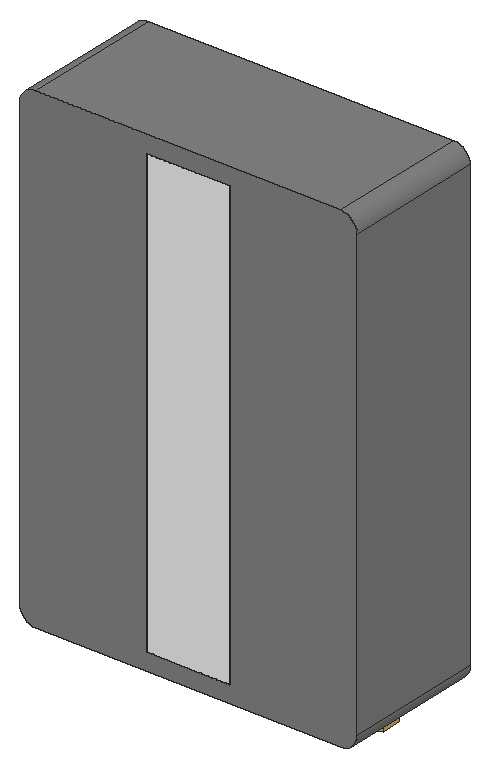
Revit family "Evoflat TDV W_RFA_1", category Mechanical Equipment, Revit 2019
Family settings
  Round Connector Dimension = Use Diameter
  Classification = None
  Part Type = Normal
  OmniClass Number = 23.75.65.11.11
  OmniClass Title = Heating Controllers
  Work Plane-Based = No
  Always vertical = Yes
  Cut with Voids When Loaded = No
  Shared = No
  Room Calculation Point = No
Parameters (values of type "Evoflat TDV W_Type 1_Cu_145G0350")
  Weight = 8.50 kg  # constant formula
  W1 = 40 mm  # constant formula
  W = 130 mm  # constant formula
  URL = "https://store.danfoss.com/en/search/?q=Evoflat+TDV%3Arelevance%3Adanfoss_producttypehierarchydesc%3AEvoFlat+FSS&text=Evoflat+TDV"
  Type Image = <None>
  Type Comments = ""
  Top [instance] = if(or(Clearance Zone Visibility, Clearance Zone Top Visibility), 1 = 1, 1 = 0)  # no
  Right [instance] = if(or(Clearance Zone Visibility, Clearance Zone Right Visibility), 1 = 1, 1 = 0)  # no
  Pressure Drop (DHW) [instance] = 0.0 Pa
  Pressure Drop (DH) [instance] = 0.0 Pa
  Pressure Drop (DCW) [instance] = 0.0 Pa
  Nut size = 30 mm  # constant formula
  Nominal Pressure = "PN 10"  # constant formula
  Model Type = "Evoflat TDV W_Type 1_Cu"
  Model = "145G0350"
  Max Supply Temperature = "95 °C"  # constant formula
  Manufacturer = "Danfoss"  # constant formula
  Left [instance] = if(or(Clearance Zone Visibility, Clearance Zone Left Visibility), 1 = 1, 1 = 0)  # no
  LOD 350 = not(LOD 200)  # yes
  LOD 200 = no
  L1a = 55 mm  # constant formula
  L1 = 55 mm  # constant formula
  L = 310 mm  # constant formula
  Insulation Material = Danfoss EPP insulation
  IfcExportType = "EvoFlat TDV W"  # constant formula
  IfcExportAs = "IfcFlowController"  # constant formula
  HEX material = Danfoss Copper
  H3 = 32.5 mm  # constant formula
  H2 = 31.5 mm  # constant formula
  H1 = 3 mm  # constant formula
  H = 443 mm  # constant formula
  Front [instance] = if(or(Clearance Zone Visibility, Clearance Zone Front Visibility), 1 = 1, 1 = 0)  # no
  Flow (DHW) [instance] = 0.0 L/s
  Flow (DH) [instance] = 0.0 L/s
  Flow (DCW) [instance] = 0.0 L/s
  Description = "Flat Station"  # constant formula
  DHW capacity = 43 kW
  DHW Temperature DHS/DHR = "65/22 °C"
  DHW Tap Load 50°C = "15.3 l/min"
  DHW Pressure Loss Primary = "40 kPa"
  DHW Flow Rate Primary = "850 l/h"
  D = 20 mm  # constant formula
  Connection = "G 3/4 Internal Thread"  # constant formula
  Clearance Zone Visibility [instance] = no
  Clearance Zone Top Visibility [instance] = no
  Clearance Zone Top [instance] = 25 mm  # constant formula
  Clearance Zone Right Visibility [instance] = no
  Clearance Zone Right [instance] = 50 mm  # constant formula
  Clearance Zone Left Visibility [instance] = no
  Clearance Zone Left [instance] = 50 mm  # constant formula
  Clearance Zone Front Visibility [instance] = no
  Clearance Zone Front [instance] = 150 mm  # constant formula
  Clearance Zone Bottom Visibility [instance] = no
  Clearance Zone Bottom [instance] = 32.5 mm  # constant formula
  Bottom [instance] = if(or(Clearance Zone Visibility, Clearance Zone Bottom Visibility), 1 = 1, 1 = 0)  # no
  Assembly Code = ""
Types (6, lengths in mm): name | Model Type | Model | HEX material | DHW capacity | DHW Temperature DHS/DHR | DHW Tap Load 50°C | DHW Pressure Loss Primary | DHW Flow Rate Primary
  Evoflat TDV W_Type 1_Cu_145G0350 | "Evoflat TDV W_Type 1_Cu" | "145G0350" | Danfoss Copper | 43 kW | "65/22 °C" | "15.3 l/min" | "40 kPa" | "850 l/h"
  Evoflat TDV W_Type 3_Cu_145G0352 | "Evoflat TDV W_Type 3_Cu" | "145G0352" | Danfoss Copper | 55 kW | "65/16 °C" | "18.3 l/min" | "27 kPa" | "950 l/h"
  Evoflat TDV W_Type 2_Cu_145G0351 | "Evoflat TDV W_Type 2_Cu" | "145G0351" | Danfoss Copper | 49 kW | "65/21 °C" | "17.5 l/min" | "30 kPa" | "950 l/h"
  Evoflat TDV W_Type 1_Sts_145G0355 | "Evoflat TDV W_Type 1_Sts" | "145G0355" | Danfoss Stainless Steel | 43 kW | "65/22 °C" | "15.3 l/min" | "40 kPa" | "850 l/h"
  Evoflat TDV W_Type 2_Sts_145G0356 | "Evoflat TDV W_Type 2_Sts" | "145G0356" | Danfoss Stainless Steel | 49 kW | "65/21 °C" | "17.5 l/min" | "30 kPa" | "950 l/h"
  Evoflat TDV W_Type 3_Sts_145G0357 | "Evoflat TDV W_Type 3_Sts" | "145G0357" | Danfoss Stainless Steel | 55 kW | "65/16 °C" | "18.3 l/min" | "27 kPa" | "950 l/h"
Reference planes
  plane 1 "Center (Front/Back)": y = 0
  plane 2: z = 0
  plane 3 "Center (Left/Right)": x = 0
  plane 4 "Front 1": y = -40
  plane 5: x = -155
  plane 6: x = 155
  plane 7: z = 443
  plane 8: y = -130
  plane 9: z = 3
  plane 10: z = -31.5
  plane 11: x = -100
  plane 12: x = 100
  plane 13: z = -32.5
  plane 14: y = -67.9
  plane 15: x = -40
  plane 16: x = 40
  plane 17: y = -75.3
  plane 18 "Angle 1": through (4267.2, -67.9, 155) normal (0, 0.9205, 0.3907)
  plane 19 "Angle 2": through (4267.2, -75.3, 110) normal (0, 0.9063, 0.4226)
Forms (mm)
  Extrusion 1, solid, material "Danfoss EPP insulation", visible <- "LOD 200", detail levels fine
    sketch origin (0, 0, 0) x (1, 0, 0) y (0, 0, 1)
      loop
        line (-155, 443) -> (-155, 0) -> (155, 0) -> (155, 443) -> (-155, 443)
    from 0 to 130 <- "W"
  Extrusion 2, solid, visible <- "Front"
    sketch origin (15, -130, 238.394) x (1, 0, 0) y (0, 0, 1)
      loop
        line (-170, 204.606) -> (-170, -238.394) -> (140, -238.394) -> (140, 204.606) -> (-170, 204.606)
    from 150 <- "Clearance Zone Front" to 0
  Extrusion 3, solid, visible <- "Right"
    sketch origin (0, 0, 0) x (1, 0, 0) y (0, 0, 1)
      loop
        line (155, 443) -> (155, 0) -> (205, 0) -> (205, 443) -> (155, 443)
    from 130 <- "W" to 0
  Extrusion 4, solid, visible <- "Left"
    sketch origin (0, 0, 0) x (1, 0, 0) y (0, 0, 1)
      loop
        line (-155, 443) -> (-205, 443) -> (-205, 0) -> (-155, 0) -> (-155, 443)
    from 130 <- "W" to 0
  Extrusion 5, solid, visible <- "Top"
    sketch origin (0, 0, 0) x (1, 0, 0) y (0, 0, 1)
      loop
        line (-155, 443) -> (155, 443) -> (155, 468) -> (-155, 468) -> (-155, 443)
    from 130 <- "W" to 0
  Extrusion 6, solid, visible <- "Bottom"
    sketch origin (0, 0, 0) x (1, 0, 0) y (0, 0, 1)
      loop
        line (-155, 0) -> (-155, -32.5) -> (155, -32.5) -> (155, 0) -> (-155, 0)
    from 130 <- "W" to 0
  Extrusion 7, solid, material "Danfoss EPP insulation" <- "Insulation Material", visible <- "LOD 350", detail levels fine
    sketch origin (0, 0, 0) x (1, 0, 0) y (0, 0, 1)
      loop
        arc (-140, 443) -> (-150.607, 438.607) -> (-155, 428) r 15
        line (-155, 428) -> (-155, 15)
        arc (-155, 15) -> (-150.607, 4.393) -> (-140, 0) r 15
        line (-140, 0) -> (140, 0)
        arc (140, 0) -> (150.607, 4.393) -> (155, 15) r 15
        line (155, 15) -> (155, 428)
        arc (155, 428) -> (150.607, 438.607) -> (140, 443) r 15
        line (140, 443) -> (-140, 443)
    from 130 to 0
  Extrusion 8, void
    sketch origin (0, 0, 0) x (1, 0, 0) y (0, 0, 1)
      loop
        line (-38.25, 16) -> (38.25, 16) -> (38.25, 427) -> (-38.25, 427) -> (-38.25, 16)
    from 130 to 127.473
  Extrusion 9, solid, material "Danfoss Plastic White", visible <- "LOD 350", detail levels fine
    sketch origin (0, 0, 0) x (1, 0, 0) y (0, 0, 1)
      loop
        line (-38.25, 16) -> (38.25, 16) -> (38.25, 427) -> (-38.25, 427) -> (-38.25, 16)
    from 127.473 to 130
  Extrusion 10, solid, detail levels coarse+medium
    sketch origin (0, 0, 0) x (1, 0, 0) y (0, 0, 1)
      loop
        line (-155, 443) -> (-155, -32.5) -> (155, -32.5) -> (155, 443) -> (-155, 443)
    from 130 to 0
  Extrusion 11, solid, material "Danfoss Brass", detail levels fine
    sketch origin (0, 0, 0) x (1, 0, 0) y (0, 1, 0)
      loop
        circle (-100, -40) r 12.783
    from 3 to -31.5
  Extrusion 12, solid, material "Danfoss Brass", visible <- "LOD 350", detail levels fine
    sketch origin (0, 0, 0) x (1, 0, 0) y (0, 1, 0)
      loop
        line (-115, -31.34) -> (-115, -48.66) -> (-100, -57.321) -> (-85, -48.66) -> (-85, -31.34) -> (-100, -22.679) -> (-115, -31.34)
    from -16.5 to -32.5
  Extrusion 13, solid, material "Danfoss Brass", not visible, detail levels fine
    sketch origin (0, 0, 0) x (1, 0, 0) y (0, 1, 0)
      loop
        circle (-100, -40) r 12.783
    from 3 to -31.5
  Extrusion 14, solid, material "Danfoss Brass", visible <- "LOD 350", not visible, detail levels fine
    sketch origin (0, 0, 0) x (1, 0, 0) y (0, 1, 0)
      loop
        line (-115, -31.34) -> (-115, -48.66) -> (-100, -57.321) -> (-85, -48.66) -> (-85, -31.34) -> (-100, -22.679) -> (-115, -31.34)
    from -16.5 to -32.5
  Extrusion 15, solid, material "Danfoss Brass", detail levels fine
    sketch origin (60, 0, 0) x (1, 0, 0) y (0, 1, 0)
      loop
        circle (-100, -40) r 12.783
    from 3 to -31.5
  Extrusion 16, solid, material "Danfoss Brass", visible <- "LOD 350", detail levels fine
    sketch origin (60, 0, 0) x (1, 0, 0) y (0, 1, 0)
      loop
        line (-115, -31.34) -> (-115, -48.66) -> (-100, -57.321) -> (-85, -48.66) -> (-85, -31.34) -> (-100, -22.679) -> (-115, -31.34)
    from -15.5 to -31.5
  Extrusion 17, solid, material "Danfoss Brass", not visible, detail levels fine
    sketch origin (60, 0, 0) x (1, 0, 0) y (0, 1, 0)
      loop
        circle (-100, -40) r 12.783
    from 3 to -31.5
  Extrusion 18, solid, material "Danfoss Brass", visible <- "LOD 350", not visible, detail levels fine
    sketch origin (60, 0, 0) x (1, 0, 0) y (0, 1, 0)
      loop
        line (-115, -31.34) -> (-115, -48.66) -> (-100, -57.321) -> (-85, -48.66) -> (-85, -31.34) -> (-100, -22.679) -> (-115, -31.34)
    from -15.5 to -31.5
  Extrusion 19, solid, material "Danfoss Brass", detail levels fine
    sketch origin (140, 0, 0) x (1, 0, 0) y (0, 1, 0)
      loop
        circle (-100, -40) r 12.783
    from 3 to -31.5
  Extrusion 20, solid, material "Danfoss Brass", visible <- "LOD 350", detail levels fine
    sketch origin (140, 0, 0) x (1, 0, 0) y (0, 1, 0)
      loop
        line (-115, -31.34) -> (-115, -48.66) -> (-100, -57.321) -> (-85, -48.66) -> (-85, -31.34) -> (-100, -22.679) -> (-115, -31.34)
    from -15.5 to -31.5
  Extrusion 21, solid, material "Danfoss Brass", detail levels fine
    sketch origin (200, 0, 0) x (1, 0, 0) y (0, 1, 0)
      loop
        circle (-100, -40) r 12.783
    from 3 to -31.5
  Extrusion 22, solid, material "Danfoss Brass", visible <- "LOD 350", detail levels fine
    sketch origin (200, 0, 0) x (1, 0, 0) y (0, 1, 0)
      loop
        line (-115, -31.34) -> (-115, -48.66) -> (-100, -57.321) -> (-85, -48.66) -> (-85, -31.34) -> (-100, -22.679) -> (-115, -31.34)
    from -15.5 to -31.5
Cuts and joins
  Extrusion 8 cuts Extrusion 2
  Extrusion 8 cuts Extrusion 7
Dimensions and locks
  "Clearance Zone Right": Extrusion 3 sketch curve to Extrusion 2
  "Clearance Zone Left": Extrusion 4 sketch curve to Extrusion 2
  "H": plane 7 to plane 2
  equal spacing: plane 6, plane 3 "Center (Left/Right)", plane 5
  "L": plane 6 to plane 5
  "W": plane 8 to plane 1 "Center (Front/Back)"
  "H1": plane 9 to level
  "H2": plane 2 to plane 10
  "W1": plane 4 "Front 1" to plane 1 "Center (Front/Back)"
  "L1": plane 5 to plane 11
  "L1a": plane 12 to plane 6
  level to Extrusion 7 = 443 mm
  equal spacing: Extrusion 8 sketch curve, plane 3 "Center (Left/Right)", Extrusion 8 sketch curve
  Extrusion 8 sketch curve to Extrusion 8 sketch curve = 76.5 mm
  "Clearance Zone Bottom": plane 2 to Extrusion 6 sketch curve
  "Clearance Zone Top": Extrusion 5 sketch curve to plane 7
  "H3": plane 2 to plane 13
  plane 14 to plane 4 "Front 1" = 27.9 mm
  Extrusion 9 sketch curve to Extrusion 9 sketch curve = 76.5 mm
  equal spacing: Extrusion 9 sketch curve, plane 3 "Center (Left/Right)", Extrusion 9 sketch curve
  locked: Extrusion 9 sketch curve to level at 16
  locked: plane 7 to Extrusion 9 sketch curve at 16
  locked: plane 7 to Extrusion 8 sketch curve at 16
  plane 11 to plane 5 = 55 mm
  locked: plane 15 to plane 11 at 60
  locked: plane 16 to plane 15 at 80
  plane 12 to plane 16 = 60 mm
  plane 6 to plane 12 = 55 mm
  plane 17 to plane 14 = 7.4 mm
  radius of Extrusion 7 sketch curve = 15 mm  (x4)
  radius of Extrusion 11 sketch curve = 12.783 mm
  radius of Extrusion 13 sketch curve = 12.783 mm
  radius of Extrusion 15 sketch curve = 12.783 mm
  radius of Extrusion 17 sketch curve = 12.783 mm
  radius of Extrusion 19 sketch curve = 12.783 mm
  radius of Extrusion 21 sketch curve = 12.783 mm
  aligned and locked: level to plane 2
  aligned and locked: Extrusion 2 sketch curve to Extrusion 1  (x2)
  aligned and locked: plane 2 to Extrusion 1 sketch curve
  aligned and locked: plane 5 to Extrusion 1 sketch curve
  aligned and locked: Extrusion 1 sketch curve to plane 6
  aligned and locked: Extrusion 7 sketch curve to plane 6
  aligned and locked: plane 8 to Extrusion 7
  aligned and locked: Extrusion 7 to plane 1 "Center (Front/Back)"
  aligned and locked: Extrusion 3 to Extrusion 8
  aligned and locked: Extrusion 2 sketch curve to plane 7
  aligned and locked: plane 2 to Extrusion 2 sketch curve
  aligned and locked: plane 2 to Extrusion 3 sketch curve
  aligned and locked: Extrusion 3 sketch curve to plane 7
  aligned and locked: plane 6 to Extrusion 3 sketch curve
  aligned and locked: Extrusion 4 sketch curve to plane 2
  aligned and locked: plane 7 to Extrusion 4 sketch curve
  aligned and locked: plane 5 to Extrusion 4 sketch curve
  aligned and locked: Extrusion 6 sketch curve to plane 2
  aligned and locked: plane 5 to Extrusion 6 sketch curve
  aligned and locked: Extrusion 6 sketch curve to plane 6
  aligned and locked: Extrusion 5 sketch curve to plane 7
  aligned and locked: Extrusion 5 sketch curve to plane 5
  aligned and locked: plane 6 to Extrusion 5 sketch curve
  aligned and locked: Extrusion 1 to Extrusion 9
  aligned and locked: Extrusion 8 sketch curve to Extrusion 9
  aligned and locked: Extrusion 8 to Extrusion 9
  aligned and locked: Extrusion 11 to plane 10
  aligned and locked: plane 9 to Extrusion 11
  aligned and locked: Extrusion 12 to plane 13
  aligned and locked: Extrusion 16 to plane 10
  aligned and locked: plane 7 to Extrusion 1
  aligned and locked: Extrusion 10 to plane 13
  aligned and locked: Extrusion 6 to Extrusion 10
  aligned and locked: plane 6 to Extrusion 10
Automatic sketch dimensions
  Extrusion 9 sketch curve to plane 3 "Center (Left/Right)" = 38.25 mm
  Extrusion 12 sketch curve to Extrusion 12 sketch curve = 15 mm  (x3)
  Extrusion 12 sketch curve to Extrusion 12 sketch curve = 8.66 mm  (x3)
  Extrusion 12 sketch curve to Extrusion 12 sketch curve = 17.321 mm  (x2)
  Extrusion 14 sketch curve to Extrusion 14 sketch curve = 15 mm  (x3)
  Extrusion 14 sketch curve to Extrusion 14 sketch curve = 8.66 mm  (x3)
  Extrusion 14 sketch curve to Extrusion 14 sketch curve = 17.321 mm  (x2)
  Extrusion 16 sketch curve to Extrusion 16 sketch curve = 15 mm  (x3)
  Extrusion 16 sketch curve to Extrusion 16 sketch curve = 8.66 mm  (x3)
  Extrusion 16 sketch curve to Extrusion 16 sketch curve = 17.321 mm  (x2)
  Extrusion 18 sketch curve to Extrusion 18 sketch curve = 15 mm  (x3)
  Extrusion 18 sketch curve to Extrusion 18 sketch curve = 8.66 mm  (x3)
  Extrusion 18 sketch curve to Extrusion 18 sketch curve = 17.321 mm  (x2)
  Extrusion 20 sketch curve to Extrusion 20 sketch curve = 15 mm  (x3)
  Extrusion 20 sketch curve to Extrusion 20 sketch curve = 8.66 mm  (x3)
  Extrusion 20 sketch curve to Extrusion 20 sketch curve = 17.321 mm  (x2)
  Extrusion 22 sketch curve to Extrusion 22 sketch curve = 15 mm  (x3)
  Extrusion 22 sketch curve to Extrusion 22 sketch curve = 8.66 mm  (x3)
  Extrusion 22 sketch curve to Extrusion 22 sketch curve = 17.321 mm  (x2)
  Extrusion 1 sketch curve to plane 7 = 0 mm
  Extrusion 7 sketch curve to plane 5 = 0 mm
  Extrusion 7 sketch curve to level = 0 mm
  Extrusion 7 sketch curve to plane 7 = 0 mm
  Extrusion 10 sketch curve to plane 5 = 0 mm
  Extrusion 10 sketch curve to plane 13 = 0 mm
  Extrusion 10 sketch curve to plane 7 = 0 mm
  plane 6 to Extrusion 10 sketch curve = 0 mm
Connectors
  piping at (-100, -40, -31.5), diameter 20, driven by "D", driven by "Flow (DCW)"
    settings: on Extrusion 11, index 1, connector inside diameter 609.6 mm, connector length 0 mm, flow factor 0, pipe flow 0.0 L/s, pressure drop 0.0 Pa, fitting loss kfactor 0, connector angle 0.00°, fixture units 0, engagement length 0 mm, angle of deflection 0.00°, flow configuration 0, flow direction 1, fitting loss method 0, system type 20, joint type 0, gender type 0, connector reference index 2, connector utility 0, adjustable connector no, is connector primary yes, connector description ""
  piping at (-40, -40, -31.5), diameter 20, driven by "D", driven by "Flow (DHW)"
    settings: on Extrusion 15, index 2, connector inside diameter 609.6 mm, connector length 0 mm, flow factor 0, pipe flow 0.0 L/s, pressure drop 0.0 Pa, fitting loss kfactor 0, connector angle 0.00°, fixture units 0, engagement length 0 mm, angle of deflection 0.00°, flow configuration 0, flow direction 2, fitting loss method 0, system type 19, joint type 0, gender type 0, connector reference index 1, connector utility 0, adjustable connector no, is connector primary no, connector description ""
  piping at (40, -40, -31.5), diameter 20, driven by "D", driven by "Flow (DH)"
    settings: on Extrusion 19, index 4, connector inside diameter 609.6 mm, connector length 0 mm, flow factor 0, pipe flow 0.0 L/s, pressure drop 0.0 Pa, fitting loss kfactor 0, connector angle 0.00°, fixture units 0, engagement length 0 mm, angle of deflection 0.00°, flow configuration 0, flow direction 1, fitting loss method 0, system type 7, joint type 0, gender type 0, connector reference index 6, connector utility 0, adjustable connector no, is connector primary no, connector description ""
  piping at (100, -40, -31.5), diameter 20, driven by "D", driven by "Flow (DH)"
    settings: on Extrusion 21, index 6, connector inside diameter 609.6 mm, connector length 0 mm, flow factor 0, pipe flow 0.0 L/s, pressure drop 0.0 Pa, fitting loss kfactor 0, connector angle 0.00°, fixture units 0, engagement length 0 mm, angle of deflection 0.00°, flow configuration 0, flow direction 2, fitting loss method 0, system type 8, joint type 0, gender type 0, connector reference index 4, connector utility 0, adjustable connector no, is connector primary no, connector description ""
